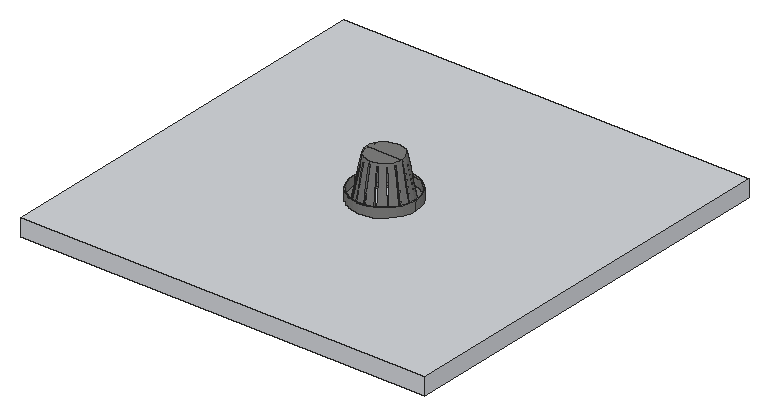
Revit family
Parameters (values of type "3"")
  URL = "WWW.MIFAB.COM"
  Top Diameter = 15.000"
  Roof Drain = Roof Drain
  R1 = 5.000"
  Pipe Radius = 1.500"
  Pipe Diameter = Pipe Radius * 2  # 3.000"
  Model = "R1200-R-SR"
  Manufacturer = "MIFAB"
  H3 = Body Height / 3.375  # 1.81481"
  H2 = Body Height / 1.99  # 3.07789"
  H1 = Body Height / 1.53  # 4.00327"
  Description = "LARGE SUMP ROOF DRAIN WITH PARABOLIC FLOW CONTROL WEIR"
  Default Elevation = 48.000"
  Body Height = 6.125"
Types (4): name | Pipe Radius | Pipe Diameter
  (no name) | 1.500" | 3.000"
  4" | 2.000" | 4.000"
  2" | 1.000" | 2.000"
  3" | 1.500" | 3.000"
Reference planes (in)
  plane 1 "Center (Front/Back)": y = 0
  plane 2: z = 0
  plane 3 "Center (Left/Right)": x = 0
  plane 4: x = 1.7
  plane 5: x = 4.25
  plane 6: x = 4.5
  plane 7: x = 5
  plane 8: x = 7.5
  plane 9: x = 1.5
  plane 10: z = -6.125
  plane 11: z = -4.00327
  plane 12: z = -3.07789
  plane 13: z = -0.2
  plane 14: z = 0.2085
  plane 15: z = -1.81481
  plane 16: x = 4.2
  plane 17: z = 9.7
  plane 18: x = 6
  plane 19: x = -0.25
  plane 20: x = 0.25
  plane 21: z = 9.2
  plane 22: z = 0.7085
  plane 23: x = -7.5
  plane 24: x = -4.2
  plane 25: z = 2.2
Forms (in)
  Extrusion 1, solid
    sketch origin (0, 0, 0) x (1, 0, 0) y (0, 1, 0)
      loop
        line (-48, 48) -> (-48, -48) -> (48, -48) -> (48, 48) -> (-48, 48)
    from 0 to -4
  Revolve 2, solid, material "Roof Drain" <- "Roof Drain"
    sketch origin (0, 0, 0) x (1, 0, 0) y (0, 0, 1)
      loop
        line (1.7, -6.125) -> (1.7, -4.00327) -> (4.25, -4.00327) -> (4.5, -0.2) -> (5, -0.2) -> (5, 0) -> (7.5, 0) -> (7.5, 2.2) -> (7.3, 2.2) -> (7.3, 0.2085) -> (4.31396, 0.2085) -> (4.05026, -3.80327) -> (1.5, -3.80327) -> (1.5, -6.125) -> (1.7, -6.125)
      axis (0, 2.2) -> (0, -6.125)
    angle from 0 to 360
  Revolve 3, solid, material "Roof Drain" <- "Roof Drain"
    sketch origin (0, 0, 0) x (1, 0, 0) y (0, 0, 1)
      loop
        line (0, 9.7) -> (0, 9.5) -> (4.03436, 9.5) -> (5.79644, 0.2085) -> (6, 0.2085) -> (4.2, 9.7) -> (0, 9.7)
      axis (0, 0.2085) -> (0, 9.7)
    angle from 0 to 360
  Extrusion 4, void
    sketch origin (0, 0, 0) x (1, 0, 0) y (0, 0, 1)
      loop
        line (-0.25, 9.2) -> (-0.25, 0.7085) -> (0.25, 0.7085) -> (0.25, 9.2) -> (-0.25, 9.2)
    from -6.43838 to 6.34689
  Extrusion 5, void
    sketch origin (0, 0, 0) x (0.92388, -0.382683, 0) y (0, 0, 1)
      loop
        line (-0.25, 9.2) -> (-0.25, 0.7085) -> (0.25, 0.7085) -> (0.25, 9.2) -> (-0.25, 9.2)
    from -6.43838 to 6.34689
  Extrusion 6, void
    sketch origin (0, 0, 0) x (0.92388, 0.382683, 0) y (0, 0, 1)
      loop
        line (-0.25, 9.2) -> (-0.25, 0.7085) -> (0.25, 0.7085) -> (0.25, 9.2) -> (-0.25, 9.2)
    from -6.43838 to 6.34689
  Extrusion 7, void
    sketch origin (0, 0, 0) x (0.707107, 0.707107, 0) y (0, 0, 1)
      loop
        line (-0.25, 9.2) -> (-0.25, 0.7085) -> (0.25, 0.7085) -> (0.25, 9.2) -> (-0.25, 9.2)
    from -6.43838 to 6.34689
  Extrusion 8, void
    sketch origin (0, 0, 0) x (0.382683, 0.92388, 0) y (0, 0, 1)
      loop
        line (-0.25, 9.2) -> (-0.25, 0.7085) -> (0.25, 0.7085) -> (0.25, 9.2) -> (-0.25, 9.2)
    from -6.43838 to 6.34689
  Extrusion 9, void
    sketch origin (0, 0, 0) x (0, 1, 0) y (0, 0, 1)
      loop
        line (-0.25, 9.2) -> (-0.25, 0.7085) -> (0.25, 0.7085) -> (0.25, 9.2) -> (-0.25, 9.2)
    from -6.43838 to 6.34689
  Extrusion 10, void
    sketch origin (0, 0, 0) x (-0.382683, 0.92388, 0) y (0, 0, 1)
      loop
        line (-0.25, 9.2) -> (-0.25, 0.7085) -> (0.25, 0.7085) -> (0.25, 9.2) -> (-0.25, 9.2)
    from -6.43838 to 6.34689
  Extrusion 11, void
    sketch origin (0, 0, 0) x (-0.707107, 0.707107, 0) y (0, 0, 1)
      loop
        line (-0.25, 9.2) -> (-0.25, 0.7085) -> (0.25, 0.7085) -> (0.25, 9.2) -> (-0.25, 9.2)
    from -6.43838 to 6.34689
Cuts and joins
  Extrusion 4, Extrusion 5, Extrusion 6, Extrusion 7, Extrusion 8, Extrusion 9, Extrusion 10, Extrusion 11 cuts Revolve 3
Dimensions and locks (in)
  "Pipe Radius": plane 9 to plane 3 "Center (Left/Right)"
  locked: plane 4 to plane 9 at 0.2
  "R1": plane 7 to plane 3 "Center (Left/Right)"
  locked: plane 5 to plane 3 "Center (Left/Right)" at 4.25
  locked: plane 6 to plane 3 "Center (Left/Right)" at 4.5
  "Body Height": level to plane 10
  level to plane 13 = 0.200"
  "H3": level to plane 15
  "H2": Extrusion 1 to plane 12
  "H1": level to plane 11
  locked: plane 18 to plane 3 "Center (Left/Right)" at 6
  locked: plane 17 to Revolve 3 sketch curve at 0.2
  locked: Revolve 3 sketch curve to Revolve 3 sketch curve at 0.2
  locked: Revolve 2 sketch curve to Revolve 2 sketch curve at 0.2
  locked: Revolve 2 sketch curve to Revolve 2 sketch curve at 0.21243
  locked: plane 17 to plane 21 at 0.5
  locked: plane 22 to plane 14 at 0.5
  equal spacing: plane 23, plane 3 "Center (Left/Right)", plane 8
  "Top Diameter": plane 23 to plane 8
  plane 24 to plane 16 = 8.400"
  plane 24 to plane 3 "Center (Left/Right)" to plane 16 = 4.200" locked, 4.200" locked
  plane 25 to level = 2.200"
  locked: plane 8 to Revolve 2 sketch curve at 0.2
  plane 17 to plane 25 = 7.500"
  aligned and locked: plane 2 to Extrusion 1
  aligned and locked: level to Extrusion 1
  aligned and locked: Revolve 2 sketch curve to plane 10
  aligned and locked: Revolve 2 sketch curve to plane 4
  aligned and locked: Revolve 2 sketch curve to plane 13
  aligned and locked: Revolve 2 sketch curve to plane 7
  aligned and locked: Extrusion 1 to Revolve 2 sketch curve
  aligned and locked: Revolve 2 sketch curve to plane 14
  aligned and locked: Revolve 2 sketch curve to plane 3 "Center (Left/Right)"
  aligned and locked: plane 9 to Revolve 2 sketch curve
  aligned and locked: Revolve 2 sketch curve to plane 11
  aligned and locked: plane 3 "Center (Left/Right)" to Revolve 3 sketch curve  (x2)
  aligned and locked: Revolve 3 sketch curve to plane 17
  aligned and locked: plane 16 to Revolve 3 sketch curve
  aligned and locked: Revolve 3 sketch curve to plane 14
  aligned and locked: Revolve 2 sketch curve to plane 25
  aligned and locked: Revolve 2 sketch curve to plane 8
Automatic sketch dimensions
  Extrusion 1 sketch curve to Extrusion 1 sketch curve = 96.000"  (x2)
  Revolve 3 sketch curve to plane 18 = 0.000"
  Revolve 3 sketch curve to Revolve 3 sketch curve = 5.000"
  Revolve 3 sketch curve to Revolve 3 sketch curve = 1.750"
  Extrusion 4 sketch curve to Extrusion 4 sketch curve = 0.500"
  Extrusion 4 sketch curve to Extrusion 4 sketch curve = 8.4915"
  Extrusion 5 sketch curve to Extrusion 5 sketch curve = 0.500"
  Extrusion 5 sketch curve to Extrusion 5 sketch curve = 8.4915"
  Extrusion 6 sketch curve to Extrusion 6 sketch curve = 0.500"
  Extrusion 6 sketch curve to Extrusion 6 sketch curve = 8.4915"
  Extrusion 7 sketch curve to Extrusion 7 sketch curve = 0.500"
  Extrusion 7 sketch curve to Extrusion 7 sketch curve = 8.4915"
  Extrusion 8 sketch curve to Extrusion 8 sketch curve = 0.500"
  Extrusion 8 sketch curve to Extrusion 8 sketch curve = 8.4915"
  Extrusion 9 sketch curve to Extrusion 9 sketch curve = 0.500"
  Extrusion 9 sketch curve to Extrusion 9 sketch curve = 8.4915"
  Extrusion 10 sketch curve to Extrusion 10 sketch curve = 0.500"
  Extrusion 10 sketch curve to Extrusion 10 sketch curve = 8.4915"
  Extrusion 11 sketch curve to Extrusion 11 sketch curve = 0.500"
  Extrusion 11 sketch curve to Extrusion 11 sketch curve = 8.4915"
  Revolve 2 sketch curve to plane 5 = 0.000"
  Revolve 2 sketch curve to plane 6 = 0.000"
  plane 10 to Revolve 2 sketch curve = 5.000"
  Revolve 2 sketch curve to Revolve 2 sketch curve = 11.000"
Connectors (in)
  piping at (0, 0, -6.125), driven by "Pipe Radius"
    settings: on Revolve 2, index 1, connector radius 1 1/2", flow factor 0, pipe flow 0 GPM, pressure drop 0.00 psi, fitting loss kfactor 0, connector angle 0.00°, fixture units 0, flow configuration 0, flow direction 2, fitting loss method 0, system type 16, connector reference index -1, connector utility 0, adjustable connector no, is connector primary yes, fitting loss table "", connector description ""
